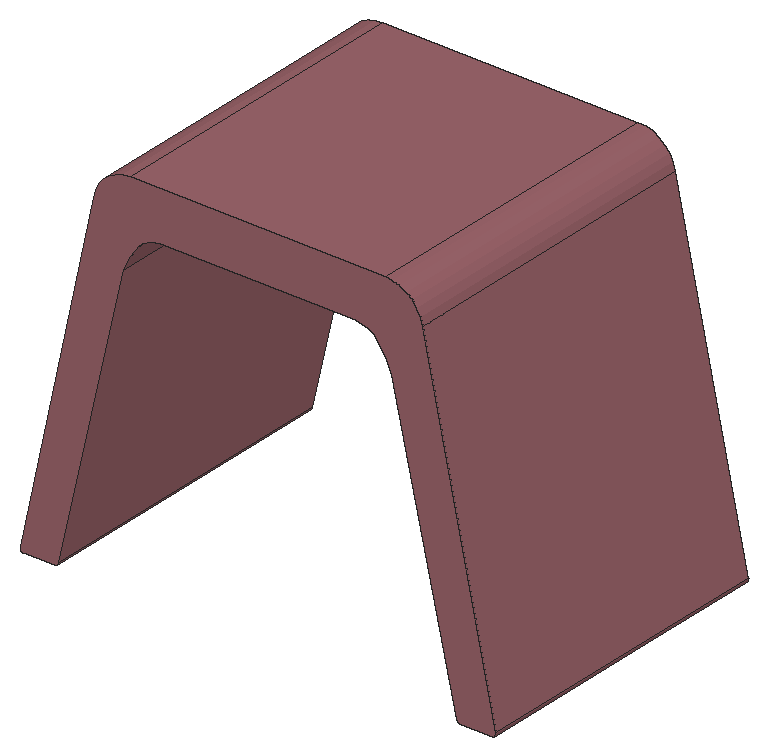
Revit family "LG27", category Furniture, Revit 2019
Family settings
  OmniClass Number = 23.40.20.00
  OmniClass Title = General Furniture and Specialties
  Work Plane-Based = No
  Always vertical = Yes
  Cut with Voids When Loaded = No
  Shared = No
  Room Calculation Point = No
Parameters (values of type "LG27")
  URL = "www.gof.co.uk"
  Seat = GABRIEL Byron_09101
  Range = "SEATING"
  Product Code = "LG27"
  Model = "LG27"
  Manufacturer = "Gresham Office Furniture"  # constant formula
  Foot = Gresham - Black Plastic
Reference planes
  plane 1 "Center (Front/Back)": y = 0
  plane 2: z = 0
  plane 3 "Center (Left/Right)": x = 0
Forms (mm)
  Extrusion 1, solid, material "GABRIEL Byron_09101" <- "Seat"
    sketch origin (-268.735, -161.862, 0) x (1, 0, 0) y (0, 0, 1)
      loop
        arc (-15.88, 12.882) -> (-15.239, 9.349) -> (-12.07, 7.663) r 4.116
        line (-12.07, 7.663) -> (25.322, 7.663)
        arc (25.322, 7.663) -> (28.634, 8.823) -> (30.498, 11.795) r 5.308
        line (30.498, 11.795) -> (108.182, 353.71)
        arc (108.182, 353.71) -> (115.784, 370.349) -> (126.494, 385.18) r 93.087
        arc (126.494, 385.18) -> (138.153, 393.752) -> (152.313, 396.739) r 34.222
        arc (152.313, 396.739) -> (268.735, 394.186) -> (385.157, 396.739) r 2656.183
        arc (385.157, 396.739) -> (399.316, 393.752) -> (410.976, 385.18) r 34.222
        arc (410.976, 385.18) -> (421.685, 370.349) -> (429.287, 353.71) r 93.087
        line (429.287, 353.71) -> (506.971, 11.795)
        arc (506.971, 11.795) -> (508.836, 8.823) -> (512.147, 7.663) r 5.308
        line (512.147, 7.663) -> (549.539, 7.663)
        arc (549.539, 7.663) -> (552.709, 9.349) -> (553.349, 12.882) r 4.116
        arc (553.349, 12.882) -> (503.554, 214.299) -> (465.722, 418.302) r 3516.89
        arc (465.722, 418.302) -> (450.476, 445.306) -> (421.205, 455.547) r 44
        arc (421.205, 455.547) -> (268.735, 453.75) -> (116.264, 455.547) r 6469.721
        arc (116.264, 455.547) -> (86.994, 445.306) -> (71.747, 418.302) r 44
        arc (71.747, 418.302) -> (33.916, 214.299) -> (-15.88, 12.882) r 3516.89
    from -351.896 to 25.978
  Revolve 2, solid, material "Gresham - Black Plastic" <- "Foot"
    sketch origin (-268.735, -161.862, 0) x (1, 0, 0) y (0, 0, 1)
      loop
        line (7.15, 7.663) -> (7.15, 0) -> (14.807, 0)
        arc (14.807, 0) -> (13.536, 3.603) -> (10.326, 5.675) r 5.912
        arc (10.326, 5.675) -> (9.972, 5.858) -> (9.737, 6.179) r 0.867
        arc (9.737, 6.179) -> (8.694, 7.357) -> (7.15, 7.663) r 2.466
      axis (7.15, 7.663) -> (7.15, 0)
    angle from 0 to 360
  Revolve 3, solid, material "Gresham - Black Plastic" <- "Foot"
    sketch origin (-268.735, 161.862, 0) x (1, 0, 0) y (0, 0, -1)
      loop
        arc (7.15, -7.663) -> (8.694, -7.357) -> (9.737, -6.179) r 2.466
        arc (9.737, -6.179) -> (9.972, -5.858) -> (10.326, -5.675) r 0.867
        arc (10.326, -5.675) -> (13.536, -3.603) -> (14.807, 0) r 5.912
        line (14.807, 0) -> (7.15, 0) -> (7.15, -7.663)
      axis (7.15, -7.663) -> (7.15, 0)
    angle from 0 to 360
  Revolve 4, solid, material "Gresham - Black Plastic" <- "Foot"
    sketch origin (268.735, -161.862, 0) x (-1, 0, 0) y (0, 0, -1)
      loop
        arc (7.15, -7.663) -> (8.694, -7.357) -> (9.737, -6.179) r 2.466
        arc (9.737, -6.179) -> (9.972, -5.858) -> (10.326, -5.675) r 0.867
        arc (10.326, -5.675) -> (13.536, -3.603) -> (14.807, 0) r 5.912
        line (14.807, 0) -> (7.15, 0) -> (7.15, -7.663)
      axis (7.15, -7.663) -> (7.15, 0)
    angle from 0 to 360
  Revolve 5, solid, material "Gresham - Black Plastic" <- "Foot"
    sketch origin (268.735, 161.862, 0) x (-1, 0, 0) y (0, 0, 1)
      loop
        line (7.15, 7.663) -> (7.15, 0) -> (14.807, 0)
        arc (14.807, 0) -> (13.536, 3.603) -> (10.326, 5.675) r 5.912
        arc (10.326, 5.675) -> (9.972, 5.858) -> (9.737, 6.179) r 0.867
        arc (9.737, 6.179) -> (8.694, 7.357) -> (7.15, 7.663) r 2.466
      axis (7.15, 7.663) -> (7.15, 0)
    angle from 0 to 360
Dimensions and locks
  aligned and locked: level to plane 2
